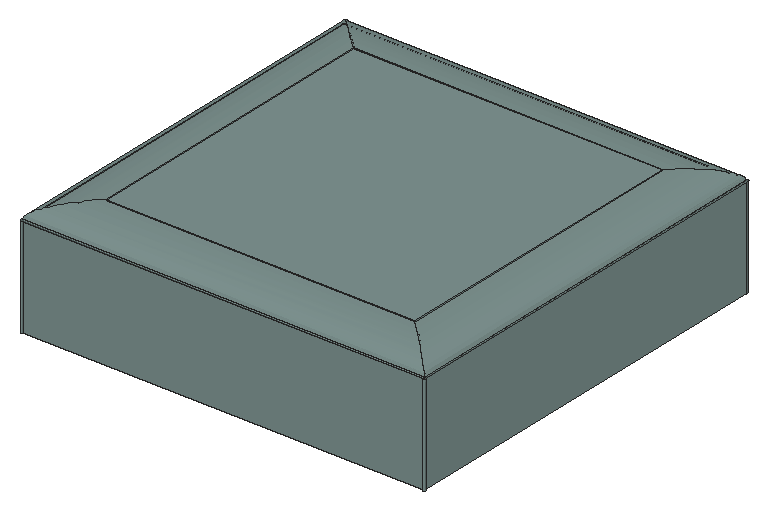
Revit family "DBLTD_TheSenatorGroup_OfficeChairs_Paver_US", category Furniture, Revit 2021
Family settings
  OmniClass Number = 23.40.20.00
  OmniClass Title = General Furniture and Specialties
  Work Plane-Based = No
  Always vertical = Yes
  Cut with Voids When Loaded = No
  Shared = Yes
  Room Calculation Point = No
Parameters (values of type "Soft Unit 15” h x 51.25” w x 51.25” d")
  WarrantyStartDate [instance] = " "
  WarrantyGuarantorParts = "https://www.thesenatorgroup.com/"
  WarrantyGuarantorLabor = "https://www.thesenatorgroup.com/"
  WarrantyDurationUnit = "years"
  WarrantyDurationParts = "5"
  WarrantyDurationLabor = "5"
  WarrantyDescription = "Senator warrants that its manufactured products are free from manufacturing defects - in materials or workmanship - for a period of ten (10) years on Senator Seating ranges; and fifteen (15) years on Senator Desking ranges"
  Version = "1"
  Uniclass2015Version = "Products v1.15"
  Uniclass2015Title = "Office chairs"
  Uniclass2015Code = "Pr_40_50_12_57"
  URL = "https://www.thesenatorgroup.com/"
  Type Comments = ModelReference  # "Soft Unit 15” h x 51.25” w x 51.25” d"
  TagNumber [instance] = " "
  SustainabilityPerformance = "n/a"
  Size = "15” h x 51.25” w x 51.25” d"
  Shape = "Rectangular"
  SerialNumber [instance] = " "
  SeatingHeight = NominalHeight  # 14.96063"
  Revision = ""
  ReplacementCost = "n/a"
  ProductInformation = "https://www.allermuir.com/en/products/sofas/paver-uk"
  NominalWidth = 51.1811"
  NominalHeight = 14.96063"
  NominalDepth = 51.1811"
  Name = "Chair"
  ModelReference = "Soft Unit 15” h x 51.25” w x 51.25” d"
  ModelNumber = "PVRS1300"
  Model = ModelNumber  # "PVRS1300"
  Material = "Seat: Fully Upholstered foam around carcass."
  ManufacturerURL = "https://www.senator.online/"
  ManufacturerName = "The Senator Group"
  Keynote = Category  # "Pr_40_50_12_57 Office chairs"
  InstallationDate [instance] = " "
  Grade = "n/a"
  Finish = "Seat: Upholstery available in a broad range of contract fabrics and selected leathers from Allermuir’s standard upholstery collection"
  Features = "Turned out top sewn seam"
  ExpectedLife = "5"
  DurationUnit = "years"
  Cost = 0
  Constituents = "Carcass with soft foam upholstery. Configurable linking plates"
  Color = Finish  # "Seat: Upholstery available in a broad range of contract fabrics and selected leathers from Allermuir’s standard upholstery collection"
  CodePerformance = "n/a"
  Category = "Pr_40_50_12_57 Office chairs"
  SeatingSeatCushionMaterial [instance] = DBLTD_TheSenatorGroup_Fabric_Blue
  Manufacturer = ManufacturerName  # "The Senator Group"
  Description = ModelReference  # "Soft Unit 15” h x 51.25” w x 51.25” d"
  Default Elevation = 0"
  BarCode [instance] = " "
  Author = "Diane Butterworth Ltd"
  AssetType = "Movable"
  AssetIdentifier [instance] = " "
  Assembly Code = "E2020200"
  AccessibilityPerformance = "n/a"
Types (11): name | Type Comments | Size | SeatingHeight | NominalWidth | NominalHeight | NominalDepth | ModelReference | ModelNumber | Model | Description
  Back Unit 26.75” h x 25.5” w x 12.75” d | "Back Unit 26.75” h x 25.5” w x 12.75” d" | "26.75” h x 25.5” w x 12.75” d" | 26.77165" | 25.59055" | 26.77165" | 12.79528" | "Back Unit 26.75” h x 25.5” w x 12.75” d" | "PVRB650" | "PVRB650" | "Back Unit 26.75” h x 25.5” w x 12.75” d"
  Soft Unit 15” h x 25.5” w x 25.5” | "Soft Unit 15” h x 25.5” w x 25.5”" | "15” h x 25.5” w x 25.5”" | 14.96063" | 25.59055" | 14.96063" | 25.59055" | "Soft Unit 15” h x 25.5” w x 25.5”" | "PVRS650DQ" | "PVRS650DQ" | "Soft Unit 15” h x 25.5” w x 25.5”"
  Soft Unit 15” h x 38.5” w x 25.5” d | "Soft Unit 15” h x 38.5” w x 25.5” d" | "15” h x 38.5” w x 25.5” d" | 14.96063" | 38.38583" | 14.96063" | 25.59055" | "Soft Unit 15” h x 38.5” w x 25.5” d" | "PVRS975" | "PVRS975" | "Soft Unit 15” h x 38.5” w x 25.5” d"
  Soft Unit 15” h x 38.5” w x 38.5” d | "Soft Unit 15” h x 38.5” w x 38.5” d" | "15” h x 38.5” w x 38.5” d" | 14.96063" | 38.38583" | 14.96063" | 38.38583" | "Soft Unit 15” h x 38.5” w x 38.5” d" | "PVRS975SQ" | "PVRS975SQ" | "Soft Unit 15” h x 38.5” w x 38.5” d"
  Soft Unit 15" h x 51.25” w x 25.5” d | "Soft Unit 15\" h x 51.25” w x 25.5” d" | "15\" h x 51.25” w x 25.5” d" | 14.96063" | 51.1811" | 14.96063" | 25.59055" | "Soft Unit 15\" h x 51.25” w x 25.5” d" | "PVRS1300" | "PVRS1300" | "Soft Unit 15\" h x 51.25” w x 25.5” d"
  Soft Unit 15” h x 51.25” w x 51.25” d | "Soft Unit 15” h x 51.25” w x 51.25” d" | "15” h x 51.25” w x 51.25” d" | 14.96063" | 51.1811" | 14.96063" | 51.1811" | "Soft Unit 15” h x 51.25” w x 51.25” d" | "PVRS1300" | "PVRS1300" | "Soft Unit 15” h x 51.25” w x 51.25” d"
  Back Unit 26.75” h x 38.5” w x 12.75” d | "Back Unit 26.75” h x 38.5” w x 12.75” d" | "26.75” h x 38.5” w x 12.75” d" | 26.77165" | 38.38583" | 26.77165" | 12.79528" | "Back Unit 26.75” h x 38.5” w x 12.75” d" | "PVRB975" | "PVRB975" | "Back Unit 26.75” h x 38.5” w x 12.75” d"
  Back Unit 26.75” h x 51.25” w x 12.75” d | "Back Unit 26.75” h x 51.25” w x 12.75” d" | "26.75” h x 51.25” w x 12.75” d" | 26.77165" | 51.1811" | 26.77165" | 12.79528" | "Back Unit 26.75” h x 51.25” w x 12.75” d" | "PVRB1300" | "PVRB1300" | "Back Unit 26.75” h x 51.25” w x 12.75” d"
  Arm Unit 20.75” h x 51.25” w x 325mm d | "Arm Unit 20.75” h x 51.25” w x 325mm d" | "1300 x 325 x 530 mm" | 20.86614" | 51.1811" | 20.86614" | 12.79528" | "Arm Unit 20.75” h x 51.25” w x 325mm d" | "PVRA1300" | "PVRA1300" | "Arm Unit 20.75” h x 51.25” w x 325mm d"
  Arm Unit 20.75” h x 38.5” w x 12.75” d | "Arm Unit 20.75” h x 38.5” w x 12.75” d" | "20.75” h x 38.5” w x 12.75” d" | 20.86614" | 38.38583" | 20.86614" | 12.79528" | "Arm Unit 20.75” h x 38.5” w x 12.75” d" | "PVRA975" | "PVRA975" | "Arm Unit 20.75” h x 38.5” w x 12.75” d"
  Arm Unit 20.75” h x 25.5” w x 12.75” d | "Arm Unit 20.75” h x 25.5” w x 12.75” d" | "20.75” h x 25.5” w x 12.75” d" | 20.86614" | 25.59055" | 20.86614" | 12.79528" | "Arm Unit 20.75” h x 25.5” w x 12.75” d" | "PVRA650" | "PVRA650" | "Arm Unit 20.75” h x 25.5” w x 12.75” d"
Reference planes (in)
  plane 1 "Center (Front/Back)": y = 0
  plane 2: z = 0
  plane 3 "Center (Left/Right)": x = 0
  plane 4 "Center L/V": x = -25.59055
  plane 5 "Center L/W": x = 25.59055
  plane 6 "Center L/CC": y = -25.59055
  plane 7 "Center L/DD": y = 25.59055
  plane 8: z = 14.96063
  plane 9: z = 13.18898
  plane 10: z = 0.3937
Forms (in)
  Extrusion 1, solid, material "DBLTD_TheSenatorGroup_Fabric_Blue" <- "SeatingSeatCushionMaterial"
    sketch origin (0, 0, 0) x (1, 0, 0) y (0, 1, 0)
      loop
        spline (-25.47251, 25.59055) -> (-25.45927, 25.64535) -> (-25.46998, 25.69015) -> (-25.5027, 25.71678) -> (-25.55144, 25.72037) -> (-25.60733, 25.70027) -> (-25.66015, 25.66015) -> (-25.70027, 25.60733) -> (-25.72037, 25.55144) -> (-25.71678, 25.5027) -> (-25.69015, 25.46998) -> (-25.64535, 25.45927) -> (-25.59055, 25.47251)
        line (-25.59055, 25.47251) -> (-25.59055, -25.47251)
        spline (-25.59055, -25.47251) -> (-25.64535, -25.45927) -> (-25.69015, -25.46998) -> (-25.71678, -25.5027) -> (-25.72037, -25.55144) -> (-25.70027, -25.60733) -> (-25.66015, -25.66015) -> (-25.60733, -25.70027) -> (-25.55144, -25.72037) -> (-25.5027, -25.71678) -> (-25.46998, -25.69015) -> (-25.45927, -25.64535) -> (-25.47251, -25.59055)
        line (-25.47251, -25.59055) -> (25.47251, -25.59055)
        spline (25.47251, -25.59055) -> (25.45927, -25.64535) -> (25.46998, -25.69015) -> (25.5027, -25.71678) -> (25.55144, -25.72037) -> (25.60733, -25.70027) -> (25.66015, -25.66015) -> (25.70027, -25.60733) -> (25.72037, -25.55144) -> (25.71678, -25.5027) -> (25.69015, -25.46998) -> (25.64535, -25.45927) -> (25.59055, -25.47251)
        line (25.59055, -25.47251) -> (25.59055, 25.47251)
        spline (25.59055, 25.47251) -> (25.64535, 25.45927) -> (25.69015, 25.46998) -> (25.71678, 25.5027) -> (25.72037, 25.55144) -> (25.70027, 25.60733) -> (25.66015, 25.66015) -> (25.60733, 25.70027) -> (25.55144, 25.72037) -> (25.5027, 25.71678) -> (25.46998, 25.69015) -> (25.45927, 25.64535) -> (25.47251, 25.59055)
        line (25.47251, 25.59055) -> (-25.47251, 25.59055)
    from 0.3937 to 13.18898
  Sweep 2, solid, material "DBLTD_TheSenatorGroup_Fabric_Blue" <- "SeatingSeatCushionMaterial"
    path origin (0, 0, 0) x (1, 0, 0) y (0, 1, 0)
      loop
        line (25.59055, 25.59055) -> (-25.59055, 25.59055) -> (-25.59055, -25.59055) -> (25.59055, -25.59055) -> (25.59055, 25.59055)
    profile origin (0, 25.59055, 0) x (0, -1, 0) y (0, 0, 1)
      loop
        line (0.11765, 13.18898) -> (5.90551, 13.18898) -> (5.90551, 14.95764)
        spline (5.90551, 14.95764) -> (5.1584, 14.94337) -> (4.42335, 14.90078) -> (3.71221, 14.83056) -> (3.03647, 14.73385) -> (2.40702, 14.6122) -> (1.83404, 14.46758) -> (1.32675, 14.30232) -> (0.89336, 14.11909) -> (0.54085, 13.92085) -> (0.27491, 13.71079) -> (0.09983, 13.4923) -> (0.01844, 13.26892)
        spline (0.01844, 13.26892) -> (-0.0322, 13.26891) -> (-0.07865, 13.25566) -> (-0.11321, 13.23138) -> (-0.13016, 13.20007) -> (-0.12669, 13.16693) -> (-0.10338, 13.13744) -> (-0.06409, 13.11648) -> (-0.01531, 13.10752) -> (0.03486, 13.11205) -> (0.07814, 13.12931) -> (0.10734, 13.15645) -> (0.11765, 13.18898)
  Extrusion 3, solid, material "DBLTD_TheSenatorGroup_Fabric_Blue" <- "SeatingSeatCushionMaterial"
    sketch origin (0, 0, 0) x (1, 0, 0) y (0, 1, 0)
      loop
        line (-19.68504, 19.68504) -> (-19.68504, -19.68504) -> (19.68504, -19.68504) -> (19.68504, 19.68504) -> (-19.68504, 19.68504)
    from 13.18898 to 14.96063
  Extrusion 4, solid, material "DBLTD_TheSenatorGroup_Plastic_Black"
    sketch origin (0, 0, 0) x (1, 0, 0) y (0, 1, 0)
      loop
        circle (-23.90141, 23.90427) r 0.86614
      loop
        circle (-23.90141, -23.90427) r 0.86614
      loop
        circle (23.90141, 23.90427) r 0.86614
      loop
        circle (23.90141, -23.90427) r 0.86614
    from 0 to 0.3937
Dimensions and locks (in)
  equal spacing: plane 4 "Center L/V", plane 3 "Center (Left/Right)", plane 5 "Center L/W"
  "NominalWidth": plane 4 "Center L/V" to plane 5 "Center L/W"
  "NominalDepth": plane 6 "Center L/CC" to plane 7 "Center L/DD"
  equal spacing: plane 6 "Center L/CC", plane 1 "Center (Front/Back)", plane 7 "Center L/DD"
  "NominalHeight": plane 8 to level
  locked: plane 8 to plane 9 at 1.77165
  locked: Sweep 2 sketch curve to plane 9 at 1.76867
  locked: plane 10 to level at 0.3937
  locked: plane 4 "Center L/V" to Extrusion 4 sketch curve at 1.68914  (x2)
  locked: Extrusion 4 sketch curve to plane 7 "Center L/DD" at 1.68628  (x2)
  locked: Extrusion 4 sketch curve to plane 6 "Center L/CC" at 1.68628  (x2)
  locked: Extrusion 4 sketch curve to plane 5 "Center L/W" at 1.68914  (x2)
  aligned and locked: level to plane 2
  aligned and locked: plane 7 "Center L/DD" to Extrusion 1 sketch curve
  aligned and locked: plane 4 "Center L/V" to Extrusion 1 sketch curve
  aligned and locked: plane 6 "Center L/CC" to Extrusion 1 sketch curve
  aligned and locked: plane 5 "Center L/W" to Extrusion 1 sketch curve
  aligned and locked: plane 9 to Extrusion 1
  aligned and locked: Sweep 2 sketch curve to Extrusion 1
  aligned and locked: Sweep 2 sketch curve to plane 4 "Center L/V"
  aligned and locked: plane 5 "Center L/W" to Sweep 2 sketch curve
  aligned and locked: plane 6 "Center L/CC" to Sweep 2 sketch curve
  aligned and locked: Sweep 2 sketch curve to plane 9
  aligned and locked: Extrusion 3 sketch curve to Sweep 2  (x4)
  aligned and locked: Extrusion 3 to plane 9
  aligned and locked: plane 8 to Extrusion 3
  aligned and locked: Extrusion 1 to plane 10
  aligned and locked: plane 10 to Extrusion 4
Automatic sketch dimensions
  Extrusion 1 sketch curve to plane 4 "Center L/V" = 0"  (x2)
  Extrusion 1 sketch curve to plane 5 "Center L/W" = 0"  (x2)
  Extrusion 1 sketch curve to plane 6 "Center L/CC" = 0"  (x2)
  plane 7 "Center L/DD" to Extrusion 1 sketch curve = 0"  (x2)
  plane 4 "Center L/V" to Extrusion 1 sketch curve = 0.11804"
  plane 5 "Center L/W" to Extrusion 1 sketch curve = 0.11804"  (x2)
  plane 4 "Center L/V" to Extrusion 1 sketch curve = 0.11136"  (x2)
  Extrusion 1 sketch curve to Extrusion 1 sketch curve = 0.00668"
  plane 5 "Center L/W" to Extrusion 1 sketch curve = 0.11136"  (x2)
  Sweep 2 sketch curve to profile plane = 0.11765"
  Sweep 2 sketch curve to profile plane = 5.90551"
  Sweep 2 sketch curve to profile plane = 0.01844"
  profile plane to Sweep 2 sketch curve = 0.00683"
  Sweep 2 sketch curve to Sweep 2 sketch curve = 5.89313"
  Sweep 2 sketch curve to Sweep 2 sketch curve = 0.00029"
  radius of Extrusion 4 sketch curve = 0.86614"  (x4)
